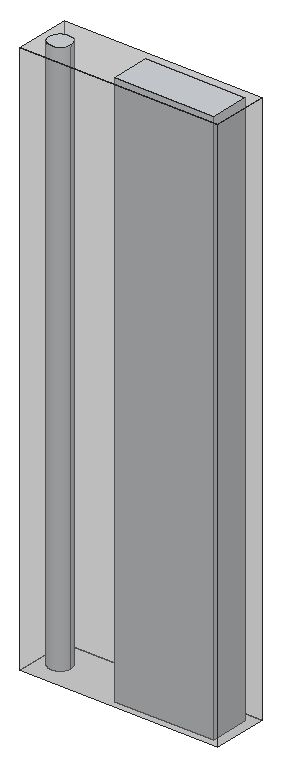
Revit family "BRU_ИнженернаяНиша1", category Шкафы, Revit 2021
Family settings
  На основе рабочей плоскости = Да
  Всегда вертикально = Да
  При загрузке вырезать с полостями = Нет
  Общий = Нет
  Точка принадлежности помещению = Нет
Parameters (values of type "Типовой_1000х280_Стояк К, спутник и санузел")
  Width = 200 mm
  Спутник 2 = no
  Отступ_Спутник 2 = 400 mm
  Отступ_Спутник = 205 mm
  Спутник = yes
  Отступ_Воздуховод 2 = 429.5 mm
  Default Elevation = 1219.2 mm
  Материал = Инженерная ниша(Вентиляция)
  Комментарии к типоразмеру = "Санузел раздельный и совмещеный: канализация, холодная, горячая вода, без канализации трапа"
  Канализация_Диаметр = 110 mm
  Канализация = yes
  Отступ_К = 90 mm
  Manufacturer = ""
  Отступ_Воздуховод = 400 mm
  Группа модели = "Воздуxовод"
  Воздуховод 2 = no
  Воздуховод = yes
  Венткороб 1_Ширина = 200 mm
  Венткороб 2_Ширина = 200 mm
  Венткороб 2_Длина = 500 mm
  Венткороб 1_Длина = 500 mm
  ADSK_Размер_Ширина = 1000 mm
  ADSK_Размер_Глубина = 280 mm
  ADSK_Размер_Высота = 2820 mm
Types (10, lengths in mm): name | Спутник 2 | Отступ_Спутник 2 | Спутник | Отступ_Воздуховод 2 | Отступ_Воздуховод | Группа модели | Воздуховод 2 | Воздуховод | Венткороб 2_Длина | Венткороб 1_Длина | ADSK_Размер_Ширина | ADSK_Размер_Высота
  Типовой_1630х280_Сдвоенный | yes | 400 | yes | 505 | 325 | "Воздуxовод" | yes | yes | 500 | 350 | 1630 | 2820
  Первый_350х280_Стояк К и спутник | no | 386 | yes | 455.5 | 400 | 0 | no | no | 350 | 500 | 385 | 2820
  Типовой_1000х280_Стояк К, спутник и санузел | no | 400 | yes | 429.5 | 400 | "Воздуxовод" | no | yes | 500 | 500 | 1000 | 2820
  тех.этаж 2 | no | 400 | yes | 429.5 | 500 | 0 | no | yes | 500 | 700 | 1000 | 1000
  Типовой_17Эт тех.этаж | no | 400 | yes | 429.5 | 500 | 0 | no | yes | 500 | 700 | 1200 | 1000
  Типовой_1000х280_тех.этаж | no | 400 | yes | 429.5 | 400 | 0 | no | yes | 500 | 500 | 1000 | 1000
  тех.этаж | no | 400 | yes | 429.5 | 500 | 0 | no | yes | 500 | 700 | 1200 | 1000
  СТОЯК | no | 400 | no | 429.5 | 400 | "Воздуxовод" | no | no | 500 | 500 | 200 | 2820
  СТОЯК и СПУТНИК | no | 400 | yes | 429.5 | 400 | "Воздуxовод" | no | no | 500 | 500 | 400 | 2820
  Типовой_17Эт | no | 400 | yes | 429.5 | 500 | "Воздуxовод\r\n\r\n\r\n\r\n\r\n\r\n\r\n\r\n\r\n\r\n\r\n\r\n\r\n\r\n\r\n\r\n\r\n\r\n\r\n\r\n\r\n\r\n\r\n\r\n\r\n\r\n\r\n\r\n\r\n\r\n\r\n\r\n\r\n\r\n\r\n\r\n\r\n\r\n\r\n\r\n\r\n\r\n\r\n\r\n\r\n\r\n\r\n\r\n\r\n\r\n\r\n\r\n\r\n\r\n\r\n\r\n\r\n\r\n\r\n\r\n\r\n\r\n\r\n\r\n\r\n\r\n\r\n\r\n\r\n\r\n\r\n\r\n\r\n\r\n\r\n\r\n\r\n\r\n\r\n\r\n\r\n\r\n\r\n\r\n\r\n\r\n\r\n\r\n\r\n\r\n\r\n\r\n\r\n\r\n\r\n\r\n\r\n\r\n\r\n\r\n\r\n\r\n\r\n\r\n\r\n\r\n\r\n\r\n\r\n\r\n\r\n\r\n\r\n\r\n\r\n\r\n\r\n\r\n\r\n\r\n\r\n\r\n\r\n\r\n\r\n\r\n\r\n\r\n\r\n\r\n\r\n\r\n\r\n\r\n\r\n\r\n\r\n\r\n\r\n\r\n\r\n\r\n\r\n\r\n\r\n\r\n\r\n\r\n\r\n\r\n\r\n\r\n\r\n\r\n\r\n\r\n\r\n\r\n\r\n\r\n\r\n\r\n\r\n\r\n\r\n\r\n\r\n\r\n\r\n\r\n\r\n\r\n\r\n\r\n\r\n\r\n\r\n\r\n\r\n\r\n\r\n\r\n\r\n\r\n\r\n\r\n\r\n\r\n\r\n\r\n\r\n\r\n\r\n\r\n\r\n\r\n\r\n\r\n\r\n\r\n\r\n\r\n\r\n\r\n\r\n\r\n\r\n\r\n\r\n\r\n\r\n\r\n\r\n\r\n\r\n\r\n\r\n\r\n\r\n\r\n\r\n\r\n\r\n\r\n\r\n\r\n\r\n\r\n\r\n\r\n\r\n\r\n\r\n\r\n\r\n\r\n\r\n\r\n\r\n\r\n\r\n\r\n\r\n\r\n\r\n\r\n\r\n\r\n\r\n\r\n\r\n\r\n\r\n\r\n\r\n\r\n\r\n\r\n\r\n\r\n\r\n\r\n\r\n\r\n\r\n\r\n\r\n\r\n\r\n\r\n\r\n\r\n\r\n\r\n\r\n\r\n\r\n\r\n\r\n\r\n\r\n\r\n\r\n\r\n\r\n\r\n\r\n\r\n\r\n\r\n\r\n\r\n\r\n\r\n\r\n\r\n\r\n\r\n\r\n\r\n\r\n\r\n\r\n\r\n\r\n\r\n\r\n\r\n\r\n\r\n\r\n\r\n\r\n\r\n\r\n\r\n\r\n\r\n\r\n\r\n\r\n\r\n\r\n\r\n\r\n\r\n\r\n\r\n\r\n\r\n\r\n\r\n\r\n\r\n\r\n\r\n\r\n\r\n\r\n\r\n\r\n\r\n\r\n\r\n\r\n\r\n\r\n\r\n\r\n\r\n\r\n\r\n\r\n\r\n\r\n\r\n\r\n\r\n\r\n\r\n\r\n\r\n\r\n\r\n\r\n\r\n\r\n\r\n\r\n\r\n\r\n\r\n\r\n\r\n\r\n\r\n\r\n\r\n\r\n\r\n\r\n\r\n\r\n\r\n\r\n\r\n\r\n\r\n\r\n\r\n\r\n\r\n\r\n\r\n\r\n\r\n\r\n\r\n\r\n\r\n\r\n\r\n\r\n\r\n\r\n\r\n\r\n\r\n\r\n\r\n\r\n\r\n\r\n\r\n\r\n\r\n\r\n\r\n\r\n\r\n\r\n\r\n\r\n\r\n\r\n\r\n\r\n\r\n\r\n\r\n\r\n\r\n\r\n\r\n\r\n\r\n\r\n\r\n\r\n\r\n\r\n\r\n\r\n\r\n\r\n\r\n\r\n\r\n\r\n\r\n\r\n\r\n\r\n\r\n\r\n\r\n\r\n\r\n\r\n\r\n\r\n\r\n\r\n\r\n\r\n\r\n\r\n\r\n\r\n\r\n\r\n\r\n\r\n\r\n\r\n\r\n\r\n\r\n\r\n\r\n\r\n\r\n\r\n\r\n\r\n\r\n\r\n\r\n\r\n\r\n\r\n\r\n\r\n\r\n\r\n\r\n\r\n\r\n\r\n\r\n\r\n\r\n\r\n\r\n\r\n\r\n\r\n\r\n\r\n\r\n\r\n\r\n\r\n\r\n\r\n\r\n\r\n\r\n\r\n\r\n\r\n\r\n\r\n\r\n\r\n\r\n\r\n\r\n\r\n\r\n\r\n\r\n\r\n\r\n\r\n\r\n\r\n\r\n\r\n\r\n\r\n\r\n\r\n\r\n\r\n\r\n\r\n\r\n\r\n\r\n\r\n\r\n\r\n\r\n\r\n\r\n\r\n\r\n\r\n\r\n\r\n\r\n\r\n\r\n\r\n\r\n\r\n\r\n\r\n\r\n\r\n\r\n\r\n\r\n\r\n\r\n\r\n\r\n\r\n\r\n\r\n\r\n\r\n\r\n\r\n\r\n\r\n\r\n\r\n\r\n\r\n\r\n\r\n\r\n\r\n\r\n\r\n\r\n\r\n\r\n\r\n\r\n\r\n\r\n\r\nВоздуxовод\r\n\r\n\r\n\r\n\r\n\r\n\r\n\r\n\r\n\r\n\r\n\r\n\r\n\r\n\r\n\r\n\r\n\r\n\r\n\r\n\r\n\r\n\r\n\r\n\r\n\r\n\r\n\r\n\r\n\r\n\r\n\r\n\r\n\r\n\r\n\r\n\r\n\r\n\r\n\r\n\r\n\r\n\r\n\r\n\r\n\r\n\r\n\r\n\r\n\r\n\r\n\r\n\r\n\r\n\r\n\r\n\r\n\r\n\r\n\r\n\r\n\r\n\r\n\r\n\r\n\r\n\r\n\r\n\r\n\r\n\r\n\r\n\r\n\r\n\r\n\r\n\r\n\r\n\r\n\r\n\r\n\r\n\r\n\r\n\r\n\r\n\r\n\r\n\r\n\r\n\r\n\r\n\r\n\r\n\r\n\r\n\r\n\r\n\r\n\r\n\r\n\r\n\r\n\r\n\r\n\r\n\r\n\r\n\r\n\r\n\r\n\r\n\r\n\r\n\r\n\r\n\r\n\r\n\r\n\r\n\r\n\r\n\r\n\r\n\r\n\r\n\r\n\r\n\r\n\r\n\r\n\r\n\r\n\r\n\r\n\r\n\r\n\r\n\r\n\r\n\r\n\r\n\r\n\r\n\r\n\r\n\r\n\r\n\r\n\r\n\r\n\r\n\r\n\r\n\r\n\r\n\r\n\r\n\r\n\r\n\r\n\r\n\r\n\r\n\r\n\r\n\r\n\r\n\r\n\r\n\r\n\r\n\r\n\r\n\r\n\r\n\r\n\r\n\r\n\r\n\r\n\r\n\r\n\r\n\r\n\r\n\r\n\r\n\r\n\r\n\r\n\r\n\r\n\r\n\r\n\r\n\r\n\r\n\r\n\r\n\r\n\r\n\r\n\r\n\r\n\r\n\r\n\r\n\r\n\r\n\r\n\r\n\r\n\r\n\r\n\r\n\r\n\r\n\r\n\r\n\r\n\r\n\r\n\r\n\r\n\r\n\r\n\r\n\r\n\r\n\r\n\r\n\r\n\r\n\r\n\r\n\r\n\r\n\r\n\r\n\r\n\r\n\r\n\r\n\r\n\r\n\r\n\r\n\r\n\r\n\r\n\r\n\r\n\r\n\r\n\r\n\r\n\r\n\r\n\r\n\r\n\r\n\r\n\r\n\r\n\r\n\r\n\r\n\r\n\r\n\r\n\r\n\r\n\r\n\r\n\r\n\r\n\r\n\r\n\r\n\r\n\r\n\r\n\r\n\r\n\r\n\r\n\r\n\r\n\r\n\r\n\r\n\r\n\r\n\r\n\r\n\r\n\r\n\r\n\r\n\r\n\r\n\r\n\r\n\r\n\r\n\r\n\r\n\r\n\r\n\r\n\r\n\r\n\r\n\r\n\r\n\r\n\r\n\r\n\r\n\r\n\r\n\r\n\r\n\r\n\r\n\r\n\r\n\r\n\r\n\r\n\r\n\r\n\r\n\r\n\r\n\r\n\r\n\r\n\r\n\r\n\r\n\r\n\r\n\r\n\r\n\r\n\r\n\r\n\r\n\r\n\r\n\r\n\r\n\r\n\r\n\r\n\r\n\r\n\r\n\r\n\r\n\r\n\r\n\r\n\r\n\r\n\r\n\r\n\r\n\r\n\r\n\r\n\r\n\r\n\r\n\r\n\r\n\r\n\r\n\r\n\r\n\r\n\r\n\r\n\r\n\r\n\r\n\r\n\r\n\r\n\r\n\r\n\r\n\r\n\r\n\r\n\r\n\r\n\r\n\r\n\r\n\r\n\r\n\r\n\r\n\r\n\r\n\r\n\r\n\r\n\r\n\r\n\r\n\r\n\r\n\r\n\r\n\r\n\r\n\r\n\r\n\r\n\r\n\r\n\r\n\r\n\r\n\r\n\r\n\r\n\r\n\r\n\r\n\r\n\r\n\r\n\r\n\r\n\r\n\r\n\r\n\r\n\r\n\r\n\r\n\r\n\r\n\r\n\r\n\r\n\r\n\r\n\r\n\r\n\r\n\r\n\r\n\r\n\r\n\r\n\r\n\r\n\r\n\r\n\r\n\r\n\r\n\r\n\r\n\r\n\r\n\r\n\r\n\r\n\r\n\r\n\r\n\r\n\r\n\r\n\r\n\r\n\r\n\r\n\r\n\r\n\r\n\r\n\r\n\r\n\r\n\r\n\r\n\r\n\r\n\r\n\r\n\r\n\r\n\r\n\r\n\r\n\r\n\r\n\r\n\r\n\r\n\r\n\r\n\r\n\r\n\r\n\r\n\r\n\r\n\r\n\r\n\r\n\r\n\r\n\r\n\r\n\r\n\r\n\r\n\r\n\r\n\r\n\r\n\r\n\r\n\r\n\r\n\r\n\r\n\r\n\r\n\r\n\r\n\r\n\r\n\r\n\r\n\r\n\r\n\r\n\r\n\r\n\r\n\r\n\r\n\r\n\r\n\r\n\r\n\r\n\r\n\r\n\r\n\r\n\r\n\r\n\r\n\r\n\r\n\r\n\r\n\r\n\r\n\r\n\r\n\r\n\r\n\r\n\r\n\r\n\r\n\r\n\r\n\r\n\r\n\r\n\r\n\r\n\r\n\r\n\r\n\r\n\r\n\r\n\r\n\r\n\r\n\r\n\r\n\r\n\r\n\r\n\r\n\r\n\r\n\r\n\r\n\r\nВоздуховод" | no | yes | 500 | 700 | 1200 | 2820
Reference planes
  plane 1 "По центру (Вперед/Назад)": y = -0.854
  plane 2: z = 0
  plane 3 "По центру (Влево/Вправо)": x = -25.137
  plane 4: x = -525.137
  plane 5: x = 474.863
  plane 6: y = 139.146
  plane 7: y = -140.854
  plane 8 "К_Ось": x = -435.137
  plane 9 "Спутник_Ось": x = -230.137
  plane 10 "Воздуховод_Ось": x = 169.863
  plane 11 "Воздуховод 2_Ось": x = 599.363
  plane 12: x = 999.363
Forms (mm)
  Extrusion 1, solid, material "Инженерная ниша(Вентиляция)" <- "Материал"
    sketch origin (-335, -50, 0) x (1, 0, 0) y (0, 1, 0)
      loop
        line (-190.137, 189.146) -> (-190.137, -90.854) -> (809.863, -90.854) -> (809.863, 189.146) -> (-190.137, 189.146)
    from 0 to 2820 <- "ADSK_Размер_Высота"
  Extrusion 2, solid
    sketch origin (0, 0, 0) x (1, 0, 0) y (0, 1, 0)
      loop
        circle (-435.137, -0.854) r 55
    from 0 to 2820
  Extrusion 3, solid, visible <- "Воздуховод 2"
    sketch origin (0, 0, 0) x (1, 0, 0) y (0, 1, 0)
      loop
        line (849.363, 99.146) -> (349.363, 99.146) -> (349.363, -100.854) -> (849.363, -100.854) -> (849.363, 99.146)
    from 0 to 2820
  Extrusion 4, solid, visible <- "Воздуховод"
    sketch origin (0, 0, 0) x (1, 0, 0) y (0, 1, 0)
      loop
        line (-80.137, -100.854) -> (419.863, -100.854) -> (419.863, 99.146) -> (-80.137, 99.146) -> (-80.137, -100.854)
    from 0 to 2820
Dimensions and locks
  equal spacing: plane 4, plane 3 "По центру (Влево/Вправо)", plane 5
  equal spacing: plane 6, plane 1 "По центру (Вперед/Назад)", plane 7
  "ADSK_Размер_Глубина": plane 6 to plane 7
  "ADSK_Размер_Ширина": plane 4 to plane 5
  "Отступ_К": plane 4 to plane 8 "К_Ось"
  "Отступ_Спутник": plane 8 "К_Ось" to plane 9 "Спутник_Ось"
  "Отступ_Воздуховод": plane 9 "Спутник_Ось" to plane 10 "Воздуховод_Ось"
  nested 1 to nested 3 = 100 mm
  plane 4 to nested 2 = 35 mm
  nested 2 to nested 1 = 100 mm
  nested 4 to nested 3 = 70.5 mm
  "Отступ_Воздуховод 2": plane 10 "Воздуховод_Ось" to plane 11 "Воздуховод 2_Ось"
  "Отступ_Спутник 2": plane 11 "Воздуховод 2_Ось" to plane 12
  nested 4 to nested 5 = 100 mm
  plane 5 to nested 5 = 574.5 mm
  nested 1 to plane 5 = 655 mm
  nested 4 to Extrusion 3 = 500 mm
  aligned and locked: level to plane 2
  aligned and locked: Extrusion 1 to level
  aligned and locked: plane 4 to Extrusion 1
  aligned and locked: Extrusion 1 to plane 7
  aligned and locked: Extrusion 1 to plane 5
  aligned and locked: plane 6 to Extrusion 1
  aligned and locked: plane 8 "К_Ось" to nested 2
  aligned and locked: plane 1 "По центру (Вперед/Назад)" to nested 2
  aligned and locked: plane 9 "Спутник_Ось" to nested 1
  aligned and locked: plane 1 "По центру (Вперед/Назад)" to nested 1
  aligned and locked: plane 10 "Воздуховод_Ось" to nested 3
  aligned and locked: plane 1 "По центру (Вперед/Назад)" to nested 3
  aligned and locked: plane 1 "По центру (Вперед/Назад)" to nested 4
  aligned and locked: plane 11 "Воздуховод 2_Ось" to nested 4
  aligned and locked: plane 1 "По центру (Вперед/Назад)" to nested 5
  aligned and locked: plane 12 to nested 5
  aligned and locked: Extrusion 1 to Extrusion 2
  aligned and locked: plane 1 "По центру (Вперед/Назад)" to Extrusion 2 sketch curve
  aligned and locked: plane 8 "К_Ось" to Extrusion 2 sketch curve
  aligned and locked: Extrusion 3 sketch curve to nested 4  (x4)
  aligned and locked: Extrusion 4 sketch curve to nested 3  (x4)
  aligned and locked: Extrusion 1 to Extrusion 4
  aligned and locked: Extrusion 3 to Extrusion 1
Automatic sketch dimensions
  Extrusion 1 sketch curve to plane 4 = 0 mm
  plane 5 to Extrusion 1 sketch curve = 0 mm
  plane 1 "По центру (Вперед/Назад)" to Extrusion 1 sketch curve = 140 mm
  Extrusion 1 sketch curve to plane 1 "По центру (Вперед/Назад)" = 140 mm
  radius of Extrusion 2 sketch curve = 55 mm
Nested families
  nested 1: "Обозначение вентшахты1" at (-280.137, -0.854, 10), visible <- "Спутник", type "Обозначение вентшахты"
    with УГО no, ADSK_Размер_Ширина 200 mm, ADSK_Размер_Длина 100 mm
  nested 2: "Обозначение вентшахты(1й этаж)" at (-435.137, -0.854, 10) x (-1, 0, 0) z (0, 0, 1), Канализация_Диаметр <- "Канализация_Диаметр", visible <- "Канализация", type "Обозначение вентшахты (1й этаж)"
    with Канализация_Диаметр 110 mm
  nested 3: "Обозначение вентшахты2" at (-80.137, -0.854, 10), ADSK_Размер_Длина <- "Венткороб 1_Длина", ADSK_Размер_Ширина <- "Венткороб 1_Ширина", visible <- "Воздуховод", type "Обозначение вентшахты"
    with УГО_200х100 yes, УГО no, ADSK_Размер_Ширина 200 mm, ADSK_Размер_Длина 500 mm
  nested 4: "Обозначение вентшахты2" at (349.363, -0.854, 10), ADSK_Размер_Длина <- "Венткороб 2_Длина", ADSK_Размер_Ширина <- "Венткороб 2_Ширина", visible <- "Воздуховод 2", type "Обозначение вентшахты"
    with УГО_200х100 yes, УГО no, ADSK_Размер_Ширина 200 mm, ADSK_Размер_Длина 500 mm
  nested 5: "Обозначение вентшахты1" at (949.363, -0.854, 10), visible <- "Спутник 2", type "Обозначение вентшахты"
    with УГО no, ADSK_Размер_Ширина 200 mm, ADSK_Размер_Длина 100 mm
Definition of nested family "Обозначение вентшахты1"
  Parameters (values of type "Обозначение вентшахты")
    УГО_200х100 [instance] = yes
    УГО [instance] = yes
    ADSK_Размер_Ширина [instance] = 200 mm
    ADSK_Размер_Длина [instance] = 100 mm
  Reference planes
    plane 1 "По центру (Вперед/Назад)": y = 0
    plane 2: z = 0
    plane 3 "По центру (Влево/Вправо)": x = 0
    plane 4: x = 100
    plane 5: y = -100
    plane 6: y = 100
    plane 7: x = 50
  Lines and regions (mm)
    detail lines, in view "Опорный уровень"
      curve 1: line (0, 100, 0) -> (100, 100, 0)
      curve 2: line (0, -100, 0) -> (0, 100, 0)
      curve 3: line (100, -100, 0) -> (0, -100, 0)
      curve 4: line (100, 100, 0) -> (100, -100, 0)
    detail lines, in view "Опорный уровень", visible <- "УГО_200х100"
      curve 5: line (0, -100, 0) -> (34.867, 51.027, 0)
      curve 6: line (34.867, 51.027, 0) -> (100, 100, 0)
  Dimensions and locks
    equal spacing: plane 6, plane 1 "По центру (Вперед/Назад)", plane 5
    "ADSK_Размер_Ширина": plane 6 to plane 5
    "ADSK_Размер_Длина": plane 3 "По центру (Влево/Вправо)" to plane 4
    equal spacing: plane 3 "По центру (Влево/Вправо)", plane 7, plane 4
    aligned and locked: curve 1 to plane 6
    aligned and locked: plane 5 to curve 3
    aligned and locked: plane 3 "По центру (Влево/Вправо)" to curve 2
    aligned and locked: curve 4 to plane 4
  Automatic sketch dimensions
    plane 3 "По центру (Влево/Вправо)" to curve 6 = 34.867 mm
    curve 5 to plane 6 = 48.973 mm
Definition of nested family "Обозначение вентшахты(1й этаж)"
  Parameters (values of type "Канализационная труба")
    Канализация_Диаметр [instance] = 160 mm
  Types (2): name
    Канализационная труба
    Обозначение вентшахты (1й этаж)
  Reference planes
    plane 1 "По центру (Вперед/Назад)": y = 0
    plane 2: z = 0
    plane 3 "По центру (Влево/Вправо)": x = 0
    plane 4: x = 0
  Lines and regions (mm)
    detail lines, in view "Опорный уровень"
      curve 1: circle (0, 0, 0) r 80 normal (0, 0, 1)
      curve 2: line (-26.575, -75.457, 0) -> (49.908, 62.523, 0)
    reference lines, in view "Опорный уровень"
      curve 3: line (0, 300, 0) -> (0, -300, 0)
  Dimensions and locks
    "Канализация_Диаметр": diameter of curve 1
  Automatic sketch dimensions
    curve 3 to plane 3 "По центру (Влево/Вправо)" = 0 mm
    plane 1 "По центру (Вперед/Назад)" to curve 3 = 300 mm
    curve 3 to plane 1 "По центру (Вперед/Назад)" = 300 mm
    plane 1 "По центру (Вперед/Назад)" to curve 1 = 0 mm
    curve 1 to plane 3 "По центру (Влево/Вправо)" = 0 mm
    curve 2 to plane 3 "По центру (Влево/Вправо)" = 26.575 mm
    plane 3 "По центру (Влево/Вправо)" to curve 2 = 49.908 mm
Definition of nested family "Обозначение вентшахты2"
  Parameters (values of type "Обозначение вентшахты")
    УГО_200х100 [instance] = yes
    УГО [instance] = yes
    ADSK_Размер_Ширина [instance] = 200 mm
    ADSK_Размер_Длина [instance] = 100 mm
  Reference planes
    plane 1 "По центру (Вперед/Назад)": y = 0
    plane 2: z = 0
    plane 3 "По центру (Влево/Вправо)": x = 0
    plane 4: x = 100
    plane 5: y = -100
    plane 6: y = 100
    plane 7: x = 50
  Lines and regions (mm)
    detail lines, in view "Опорный уровень"
      curve 1: line (0, 100, 0) -> (100, 100, 0)
      curve 2: line (0, -100, 0) -> (0, 100, 0)
      curve 3: line (100, -100, 0) -> (0, -100, 0)
      curve 4: line (100, 100, 0) -> (100, -100, 0)
    detail lines, in view "Опорный уровень", visible <- "УГО_200х100"
      curve 5: line (0, -100, 0) -> (34.867, 51.027, 0)
      curve 6: line (34.867, 51.027, 0) -> (100, 100, 0)
  Dimensions and locks
    equal spacing: plane 6, plane 1 "По центру (Вперед/Назад)", plane 5
    "ADSK_Размер_Ширина": plane 6 to plane 5
    "ADSK_Размер_Длина": plane 3 "По центру (Влево/Вправо)" to plane 4
    equal spacing: plane 3 "По центру (Влево/Вправо)", plane 7, plane 4
    aligned and locked: curve 1 to plane 6
    aligned and locked: plane 5 to curve 3
    aligned and locked: plane 3 "По центру (Влево/Вправо)" to curve 2
    aligned and locked: curve 4 to plane 4
  Automatic sketch dimensions
    plane 3 "По центру (Влево/Вправо)" to curve 6 = 34.867 mm
    curve 5 to plane 6 = 48.973 mm
